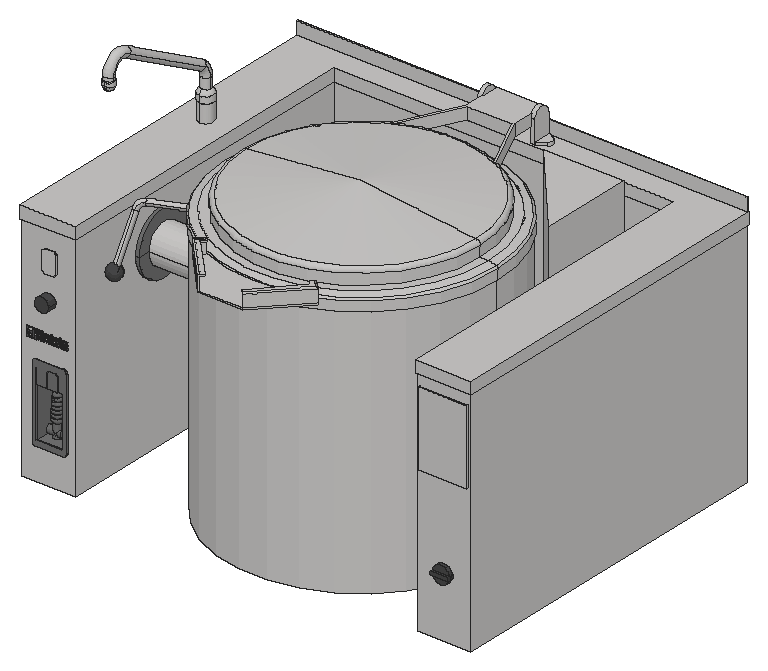
Revit family "QF_ELECTROLUXPROFESSIONAL_586945_PBOT15GQCS", category Specialty Equipment, Revit 2018
Family settings
  Round Connector Dimension = Use Radius
  Part Type = Normal
  Work Plane-Based = No
  Always vertical = Yes
  Cut with Voids When Loaded = No
  Shared = Yes
  Room Calculation Point = No
Parameters (values of type "Standard")
  Weight = 270.00 kg
  Watts = 0 W
  Volts = 230 V
  URL Manufacturer = "http://professional.electrolux.com"
  URL = "http://professional.electrolux.com"
  Tilt Clearance [instance] = 1165 mm
  Steam Supply Size = 0"
  Steam Supply Minimum Pressure = 0.00 psi
  Steam Supply Maximum Pressure = 0.00 psi
  Steam Pounds per Hour = 0
  Show Logo [instance] = yes
  Refrigeration Suction Line Size = 0"
  Refrigeration Liquid Line Size = 0"
  Refrigerant Compressor Remote = yes
  Plinth Base Finish [instance] = QF_Finishes_Concrete
  Plinth Base [instance] = not(Base Height = 500 mm)  # yes
  Phase = 1
  Open Clearance [instance] = 945 mm
  Model = "PBOT15GQCS"
  Manufacturer = "Electrolux Professional"
  Length Actual = 1300 mm  # constant formula
  Item Number = "586945"
  Hot Water Size = 1/2"
  Height Actual = 700 mm  # constant formula
  HP = "0.3 HP"
  Gas Size = 1"
  Gas KW = 26
  Gas Input Pressure = 0.976355 Btu/h
  Direct Waste Size = 0"
  Description = "GAS BOILING PAN,TILTING,AUTO H/C WATER FILL INLET,SPRAY GUN, 150L,H700,BS,FS,D1000,REAR CLS KIT,GUID.COOK.S"
  Depth Actual = 1000 mm  # constant formula
  Cycle = 50 Hz
  Condensate Return Size = 0"
  Compressed Air Volume = 0 GPM
  Compressed Air Size = 0"
  Compressed Air Pressure = 0.00 psi
  Cold Water Size = 1/2"
  Bracket [instance] = Base Height = 500 mm  # no
  Body Finish [instance] = QF_Finishes_Stainless Steel
  Base Height = 200 mm
  Show Clearance [instance] = yes
  Assembly Code = ""
  Accessory = yes
Reference planes
  plane 1 "BACK": y = 200
  plane 2: z = 0
  plane 3 "LEFT": x = 0
  plane 4 "RIGHT": x = 1300
  plane 5 "FRONT": y = -800
  plane 6 "TOP": z = 900
  plane 7: z = 200
  plane 8 "Center": x = 650
  plane 9: z = 1845
  plane 10: y = -890
  plane 11 "Vessel X axis": y = -383
  plane 12: x = 295
  plane 13: y = -493
  plane 14: x = 295
  plane 15 "Top Level": z = 1011
Forms (mm)
  Extrusion 1, solid, material "QF_Finishes_Stainless Steel" <- "Body Finish"
    sketch origin (0, 0, -100) x (1, 0, 0) y (0, 1, 0)
      loop
        line (0, 200) -> (0, -800) -> (160, -800) -> (160, 131.55) -> (1140, 131.55) -> (1140, -800) -> (1300, -800) -> (1300, 200) -> (0, 200)
    from 965 to 1000
  Extrusion 2, solid, material "QF_Finishes_Stainless Steel" <- "Body Finish"
    sketch origin (0, 0, 883.515) x (-1, 0, 0) y (0, -1, 0)
      loop
        line (-585, 890) -> (-715, 890) -> (-829.852, 765.434) -> (-808.623, 744.205)
        arc (-808.623, 744.205) -> (-650, 777.5) -> (-491.377, 744.205) r 394.5
        line (-491.377, 744.205) -> (-470.148, 765.434) -> (-585, 890)
    from 35.452 to 40.127
  Revolve 3, solid, material "QF_Finishes_Stainless Steel" <- "Body Finish"
    sketch origin (0, 50.89, 727.5) x (-1, 0, 0) y (0, -1, 0)
      loop
        line (-170, 486.89) -> (-170, 453.89) -> (-157, 453.89) -> (-157, 543.89) -> (-1143, 543.89) -> (-1143, 453.89) -> (-1130, 453.89) -> (-1130, 486.89) -> (-170, 486.89)
      axis (-1143, 543.89) -> (-157, 543.89)
    angle from 0 to 360
  Extrusion 4, solid, material "QF_Finishes_Stainless Steel" <- "Body Finish"
    sketch origin (0, 200, 0) x (1, 0, 0) y (0, 0, 1)
      loop
        circle (1220, 450) r 10
    from 3 to 0
  Extrusion 5, solid, material "QF_Finishes_Stainless Steel" <- "Body Finish"
    sketch origin (650, 0, 0) x (0, 1, 0) y (0, 0, 1)
      loop
        line (189, 900) -> (189, 963.742)
        arc (189, 963.742) -> (165, 987.742) -> (141, 963.742) r 24
        line (141, 963.742) -> (141, 900) -> (189, 900)
    from 69.2 to 82.1
  Revolve 6, solid, material "QF_Finishes_Stainless Steel" <- "Body Finish"
    sketch origin (0, -383, 0) x (-1, 0, 0) y (0, 0, 1)
      loop
        line (-650, 1011) -> (-650, 930.08) -> (-306.999, 930.08) -> (-306.999, 960.757)
        arc (-306.999, 960.757) -> (-310.325, 969.407) -> (-318.59, 973.601) r 12.912
        arc (-318.59, 973.601) -> (-483.6, 998.46) -> (-650, 1011) r 2246.096
      axis (-650, 1011) -> (-650, 930.08)
    angle from 0 to 360
  Sweep 7, solid, material "QF_Finishes_Stainless Steel" <- "Body Finish"
    path in 3D
      loop
        line (715, -890, 923.642) -> (829.852, -765.434, 923.642) -> (808.623, -744.205, 923.642)
    profile origin (772.426, -827.717, 923.642) x (-0.735191, 0.67786, 0) y (0, 0, 1)
      loop
        line (0, 0) -> (2.5, 0) -> (2.5, 35.781)
        arc (2.5, 35.781) -> (3.003, 36.997) -> (4.219, 37.5) r 1.719
        line (4.219, 37.5) -> (15.313, 37.5) -> (15.313, 40) -> (4.052, 40)
        arc (4.052, 40) -> (1.187, 38.813) -> (0, 35.948) r 4.052
        line (0, 35.948) -> (0, 0)
  Extrusion 8, solid, material "QF_Finishes_Stainless Steel" <- "Body Finish"
    sketch origin (0, 200, 0) x (1, 0, 0) y (0, 0, 1)
      loop
        line (157, 865) -> (157, 500) -> (1143, 500) -> (1143, 865) -> (157, 865)
    from 3 to 65.418
  Extrusion 9, solid, material "QF_Finishes_Stainless Steel" <- "Body Finish"
    sketch origin (650, 0, 0) x (0, 1, 0) y (0, 0, 1)
      loop
        line (189, 900) -> (189, 963.742)
        arc (189, 963.742) -> (165, 987.742) -> (141, 963.742) r 24
        line (141, 963.742) -> (141, 900) -> (189, 900)
    from -82.1 to -69.2
  Extrusion 10, solid, material "QF_Finishes_Stainless Steel" <- "Body Finish"
    sketch origin (0, 0, 1011) x (0, -1, 0) y (1, 0, 0)
      loop
        line (135.733, 481.526) -> (-79, 584.501) -> (-79, 715.499) -> (135.733, 818.474) -> (140.39, 825.445) -> (-83.565, 719.2) -> (-189, 719.2) -> (-189, 580.8) -> (-84, 580.8) -> (140.464, 474.444) -> (135.733, 481.526)
    from -71.258 to -37.399
  Sweep 11, solid, material "QF_Finishes_Stainless Steel" <- "Body Finish"
    path in 3D
      loop
        line (491.377, -744.205, 923.642) -> (470.148, -765.434, 923.642) -> (585, -890, 923.642)
    profile origin (527.574, -827.717, 923.642) x (0.735191, 0.67786, 0) y (0, 0, 1)
      loop
        line (0, 0) -> (2.5, 0) -> (2.5, 35.781)
        arc (2.5, 35.781) -> (3.003, 36.997) -> (4.219, 37.5) r 1.719
        line (4.219, 37.5) -> (15.313, 37.5) -> (15.313, 40) -> (4.052, 40)
        arc (4.052, 40) -> (1.187, 38.813) -> (0, 35.948) r 4.052
        line (0, 35.948) -> (0, 0)
  Extrusion 12, solid, material "QF_Finishes_Stainless Steel" <- "Body Finish"
    sketch origin (0, 0, 900) x (-1, 0, 0) y (0, -1, 0)
      loop
        arc (-758.472, -155.346) -> (-764.2, -165) -> (-758.472, -174.654) r 11
        line (-758.472, -174.654) -> (-732.1, -189.055) -> (-732.1, -140.945) -> (-758.472, -155.346)
      loop
        line (-541.528, -155.346) -> (-567.9, -140.945) -> (-567.9, -189.055) -> (-541.528, -174.654)
        arc (-541.528, -174.654) -> (-535.8, -165) -> (-541.528, -155.346) r 11
    from 0 to 8
  Revolve 13, solid, material "QF_Finishes_Stainless Steel" <- "Body Finish"
    sketch origin (0, -383, 0) x (-1, 0, 0) y (0, 0, 1)
      loop
        line (-650, 930.08) -> (-650, 159.763) -> (-260.5, 159.763) -> (-260.5, 890.048) -> (-255.5, 890.048) -> (-255.5, 918.412) -> (-259.882, 924.275) -> (-280.728, 930.08) -> (-650, 930.08)
      axis (-650, 930.08) -> (-650, 159.763)
    angle from 0 to 360
  Revolve 14, solid, material "QF_Finishes_Clearance", visible <- "Show Clearance", detail levels coarse
    sketch origin (650, 0, 0) x (0, 1, 0) y (0, 0, 1)
      loop
        line (-63.822, 1515.791) -> (-196.661, 1845) -> (-229.118, 1831.903) -> (-96.279, 1502.694) -> (-63.822, 1515.791)
      axis (-63.822, 1515.791) -> (-96.279, 1502.694)
    angle from 0 to 360
  Extrusion 15, solid, material "QF_Finishes_Stainless Steel" <- "Body Finish"
    sketch origin (1100, -797, 0) x (-1, 0, 0) y (0, 0, -1)
      loop
        line (-50, -833.989) -> (-50, -618.989) -> (-189.292, -618.989) -> (-189.292, -833.989) -> (-50, -833.989)
      loop
        line (1029.661, -812.084) -> (1036.975, -804.77) -> (1036.975, -754.399) -> (1029.661, -747.084) -> (1004.29, -747.084) -> (996.975, -754.399) -> (996.975, -804.77) -> (1004.29, -812.084) -> (1029.661, -812.084)
    from 0 to 3
  Extrusion 16, solid, material "QF_Finishes_Black"
    sketch origin (1400, -797, -30) x (-1, 0, 0) y (0, 0, -1)
      loop
        circle (180.286, -405.28) r 25
    from 0 to 10.306
  Extrusion 17, solid, material "QF_Finishes_Black"
    sketch origin (1400, -797, -30) x (-1, 0, 0) y (0, 0, -1)
      loop
        arc (204.667, -410.806) -> (205.286, -405.28) -> (204.667, -399.753) r 25
        line (204.667, -399.753) -> (155.904, -399.753)
        arc (155.904, -399.753) -> (155.286, -405.28) -> (155.904, -410.806) r 25
        line (155.904, -410.806) -> (204.667, -410.806)
    from 0 to 18.276
  Extrusion 18, solid, material "QF_Finishes_Black"
    sketch origin (160, -797, 0) x (-1, 0, 0) y (0, 0, -1)
      loop
        circle (80.781, -678.5) r 20
    from 0 to 25
  Extrusion 19, solid, material "QF_Finishes_Stainless Steel" <- "Body Finish", visible <- "Bracket"
    sketch origin (0, 137, -14) x (0, 1, 0) y (0, 0, 1)
      loop
        line (60, 514) -> (-140, 514) -> (-140, 400) -> (-76.36, 336.36) -> (60, 336.36) -> (60, 514)
    from 25.741 to 134.773
  Extrusion 20, solid, material "QF_Finishes_Stainless Steel" <- "Body Finish", visible <- "Bracket"
    sketch origin (1300, 100, 0) x (0, 1, 0) y (0, 0, 1)
      loop
        line (97, 322.36) -> (97, 500) -> (-103, 500) -> (-103, 386) -> (-39.36, 322.36) -> (97, 322.36)
    from -133.886 to -23.363
  Extrusion 21, solid, material "QF_Finishes_Stainless Steel" <- "Body Finish"
    sketch origin (1400, 200, 0) x (-1, 0, 0) y (0, 0, -1)
      loop
        circle (1350, -395) r 6.35
      loop
        circle (1289.429, -395) r 6.35
      loop
        circle (1319.429, -345) r 12.7
    from 3 to 0
  Extrusion 22, solid, material "QF_Finishes_Stainless Steel" <- "Body Finish"
    sketch origin (0, 0, 0) x (1, 0, 0) y (0, 1, 0)
      loop
        line (1116.003, -18.227) -> (886.003, -18.227) -> (1116.003, -288.227) -> (1116.003, -18.227)
    from 378.064 to 1011
  Extrusion 23, solid, material "QF_Finishes_Stainless Steel" <- "Body Finish"
    sketch origin (0, 0, 0) x (1, 0, 0) y (0, 1, 0)
      loop
        line (1089.577, -257.205) -> (911.249, -47.863) -> (869.377, -85.955)
        arc (869.377, -85.955) -> (965.621, -191.311) -> (1014.735, -325.291) r 369.272
        line (1014.735, -325.291) -> (1089.577, -257.205)
    from 383.064 to 403.064
  Extrusion 24, solid, material "QF_Finishes_Stainless Steel" <- "Body Finish"
    sketch origin (0, 0, 0) x (1, 0, 0) y (0, 1, 0)
      loop
        line (157, 197) -> (3, 197) -> (3, -797) -> (157, -797) -> (157, 197)
      loop
        line (1297, 197) -> (1143, 197) -> (1143, -797) -> (1297, -797) -> (1297, 197)
    from 200 to 865
  Extrusion 25, solid, material "Navy Blue", visible <- "Show Logo"
    sketch origin (160, -797, 0) x (-1, 0, 0) y (0, 0, -1)
      loop
        line (101.332, -593.18) -> (109.793, -593.18) -> (109.793, -583.327)
        arc (109.793, -583.327) -> (108.679, -580.639) -> (105.991, -579.525) r 3.802
        line (105.991, -579.525) -> (101.168, -579.525) -> (101.168, -581.736) -> (105.441, -581.736)
        arc (105.441, -581.736) -> (106.845, -582.21) -> (107.442, -583.566) r 1.838
        line (107.442, -583.566) -> (107.442, -585.52) -> (101.698, -585.52) -> (101.698, -587.738) -> (107.442, -587.738) -> (107.442, -590.968) -> (101.332, -590.968) -> (101.332, -593.18)
      loop
        line (99.498, -593.18) -> (99.498, -579.525) -> (97.146, -579.525) -> (97.146, -593.18) -> (99.498, -593.18)
      loop
        line (48.417, -593.18) -> (48.417, -579.525) -> (46.064, -579.525) -> (46.064, -593.18) -> (48.417, -593.18)
      loop
        line (93.257, -583.886) -> (85.539, -583.886)
        arc (85.539, -583.886) -> (86.746, -588.126) -> (90.874, -589.672) r 4.89
        arc (90.874, -589.672) -> (94.51, -587.828) -> (95.548, -583.886) r 4.976
        arc (95.548, -583.886) -> (94.182, -580.589) -> (90.886, -579.224) r 4.662
        arc (90.886, -579.224) -> (88.32, -579.602) -> (86.169, -581.05) r 5.86
        line (86.169, -581.05) -> (87.562, -582.444)
        arc (87.562, -582.444) -> (89.391, -581.347) -> (91.516, -581.531) r 3.458
        arc (91.516, -581.531) -> (92.812, -582.394) -> (93.257, -583.886) r 2.29
      loop
        line (93.198, -585.539) -> (87.902, -585.539)
        arc (87.902, -585.539) -> (88.645, -587.103) -> (90.278, -587.679) r 2.256
        arc (90.278, -587.679) -> (92.162, -587.188) -> (93.198, -585.539) r 2.64
      loop
        line (76.371, -586.524) -> (74.894, -588)
        arc (74.894, -588) -> (76.746, -589.341) -> (78.997, -589.742) r 5.117
        arc (78.997, -589.742) -> (82.429, -588.487) -> (84.231, -585.308) r 5.293
        arc (84.231, -585.308) -> (81.194, -579.733) -> (74.977, -581.018) r 5.33
        line (74.977, -581.018) -> (76.446, -582.487)
        arc (76.446, -582.487) -> (79.616, -581.438) -> (81.887, -583.886) r 3.088
        arc (81.887, -583.886) -> (81.729, -585.821) -> (80.396, -587.234) r 2.933
        arc (80.396, -587.234) -> (78.264, -587.559) -> (76.371, -586.524) r 3.369
      loop
        line (73.45, -593.18) -> (73.45, -583.849)
        arc (73.45, -583.849) -> (73.246, -582.449) -> (72.722, -581.135) r 6.031
        arc (72.722, -581.135) -> (71.044, -579.8) -> (68.918, -579.519) r 4.018
        line (68.918, -579.519) -> (68.918, -581.723)
        arc (68.918, -581.723) -> (69.55, -581.771) -> (70.139, -582.005) r 2.118
        arc (70.139, -582.005) -> (70.895, -582.804) -> (71.098, -583.886) r 1.949
        line (71.098, -583.886) -> (71.098, -587.265) -> (68.962, -587.265) -> (68.962, -589.401) -> (71.098, -589.401) -> (71.098, -593.18) -> (73.45, -593.18)
      loop
        arc (64.65, -584.717) -> (64.482, -585.701) -> (63.997, -586.574) r 2.967
        arc (63.997, -586.574) -> (62.588, -587.297) -> (61.004, -587.265) r 3.231
        line (61.004, -587.265) -> (61.004, -589.525)
        arc (61.004, -589.525) -> (63.073, -589.33) -> (64.65, -587.977) r 3.432
        line (64.65, -587.977) -> (64.65, -589.401) -> (66.983, -589.401) -> (66.983, -579.525) -> (64.65, -579.525) -> (64.65, -584.717)
      loop
        circle (55.254, -584.461) r 5.233
      loop
        circle (55.254, -584.461) r 3.172
      loop
        arc (37.582, -583.638) -> (38.162, -582.041) -> (39.738, -581.405) r 2.088
        arc (39.738, -581.405) -> (41.313, -582.041) -> (41.894, -583.638) r 2.088
        line (41.894, -583.638) -> (41.894, -589.401) -> (44.266, -589.401) -> (44.266, -583.442)
        arc (44.266, -583.442) -> (42.916, -580.365) -> (39.738, -579.275) r 4.181
        arc (39.738, -579.275) -> (36.524, -580.398) -> (35.211, -583.539) r 4.181
        line (35.211, -583.539) -> (35.211, -589.401) -> (37.582, -589.401) -> (37.582, -583.638)
      loop
        line (33.789, -589.401) -> (30.374, -584.764) -> (34.126, -579.522) -> (31.598, -579.522) -> (29.107, -583.001) -> (26.58, -579.522) -> (24.068, -579.522) -> (27.767, -584.817) -> (24.385, -589.401) -> (26.952, -589.401) -> (29.115, -586.469) -> (31.245, -589.401) -> (33.789, -589.401)
      loop
        line (108.47, -573.865) -> (110.346, -573.865) -> (110.346, -569.143) -> (109.319, -569.143) -> (109.319, -570.769) -> (108.185, -570.769)
        arc (108.185, -570.769) -> (106.916, -572.447) -> (108.47, -573.865) r 1.561
      loop
        arc (108.23, -571.697) -> (107.841, -572.304) -> (108.23, -572.911) r 0.668
        line (108.23, -572.911) -> (109.319, -572.911) -> (109.319, -571.697) -> (108.23, -571.697)
      loop
        line (101.061, -573.865) -> (102.968, -573.865) -> (102.968, -569.143) -> (101.942, -569.143) -> (101.942, -570.769) -> (100.949, -570.769) -> (100.27, -569.143) -> (99.168, -569.143) -> (100.097, -571.134)
        arc (100.097, -571.134) -> (99.652, -571.665) -> (99.502, -572.343) r 1.458
        arc (99.502, -572.343) -> (99.971, -573.421) -> (101.061, -573.865) r 1.559
      loop
        line (101.942, -572.911) -> (101.942, -571.697) -> (100.852, -571.697)
        arc (100.852, -571.697) -> (100.464, -572.304) -> (100.852, -572.911) r 0.668
        line (100.852, -572.911) -> (101.942, -572.911)
      loop
        circle (93.139, -571.504) r 2.453
      loop
        circle (93.139, -571.504) r 1.557
      loop
        line (86.655, -573.865) -> (86.655, -569.143) -> (85.654, -569.143) -> (85.654, -570.793) -> (83.876, -570.793) -> (83.876, -571.851) -> (85.654, -571.851) -> (85.654, -572.847) -> (83.706, -572.847) -> (83.706, -573.865) -> (86.655, -573.865)
      loop
        line (79.724, -573.865) -> (79.724, -570.677)
        arc (79.724, -570.677) -> (79.288, -569.596) -> (78.213, -569.146) r 1.51
        line (78.213, -569.146) -> (76.689, -569.146) -> (76.689, -570.038) -> (78.122, -570.038)
        arc (78.122, -570.038) -> (78.65, -570.475) -> (78.753, -571.151) r 0.961
        line (78.753, -571.151) -> (76.866, -571.151) -> (76.866, -572.043) -> (78.753, -572.043) -> (78.753, -572.973) -> (76.735, -572.973) -> (76.735, -573.865) -> (79.724, -573.865)
      loop
        arc (62.624, -573.267) -> (63.249, -573.78) -> (64.041, -573.943) r 1.69
        arc (64.041, -573.943) -> (64.773, -573.764) -> (65.374, -573.31) r 1.872
        arc (65.374, -573.31) -> (65.486, -572.238) -> (64.794, -571.411) r 1.385
        arc (64.794, -571.411) -> (64.212, -571.217) -> (63.66, -570.95) r 4.78
        arc (63.66, -570.95) -> (63.312, -570.539) -> (63.552, -570.057) r 0.489
        arc (63.552, -570.057) -> (63.998, -569.952) -> (64.442, -570.065) r 0.963
        arc (64.442, -570.065) -> (64.826, -570.341) -> (65.061, -570.752) r 1.118
        line (65.061, -570.752) -> (65.887, -570.367)
        arc (65.887, -570.367) -> (65.589, -569.793) -> (65.11, -569.36) r 1.815
        arc (65.11, -569.36) -> (64.566, -569.127) -> (63.978, -569.068) r 1.957
        arc (63.978, -569.068) -> (63.25, -569.213) -> (62.595, -569.561) r 2.556
        arc (62.595, -569.561) -> (62.305, -570.331) -> (62.455, -571.139) r 1.535
        arc (62.455, -571.139) -> (62.778, -571.512) -> (63.19, -571.781) r 1.779
        arc (63.19, -571.781) -> (63.712, -572.014) -> (64.248, -572.215) r 9.371
        arc (64.248, -572.215) -> (64.557, -572.696) -> (64.11, -573.053) r 0.427
        arc (64.11, -573.053) -> (63.575, -572.924) -> (63.163, -572.558) r 1.135
        line (63.163, -572.558) -> (62.624, -573.267)
      loop
        line (58.291, -573.865) -> (58.291, -569.146) -> (57.321, -569.146) -> (57.321, -573.865) -> (58.291, -573.865)
      loop
        circle (50.779, -571.506) r 1.468
      loop
        circle (50.779, -571.506) r 2.451
      loop
        line (44.27, -569.146) -> (43.289, -569.146) -> (43.289, -572.113) -> (41.131, -569.146) -> (40.187, -569.146) -> (40.187, -573.865) -> (41.168, -573.865) -> (41.168, -570.808) -> (43.326, -573.865) -> (44.27, -573.865) -> (44.27, -569.146)
      loop
        line (35.295, -569.146) -> (34.836, -570.164) -> (33.09, -570.164) -> (32.631, -569.146) -> (31.588, -569.146) -> (33.581, -573.865) -> (34.491, -573.865) -> (36.337, -569.146) -> (35.295, -569.146)
      loop
        line (33.526, -571.132) -> (33.993, -572.169) -> (34.447, -571.132) -> (33.526, -571.132)
      loop
        line (26.769, -570.038) -> (26.769, -573.865) -> (27.739, -573.865) -> (27.739, -569.146) -> (24.954, -569.146) -> (24.954, -570.038) -> (26.769, -570.038)
      loop
        arc (69.698, -573.267) -> (70.324, -573.78) -> (71.116, -573.943) r 1.69
        arc (71.116, -573.943) -> (71.847, -573.764) -> (72.449, -573.31) r 1.872
        arc (72.449, -573.31) -> (72.56, -572.238) -> (71.868, -571.411) r 1.385
        arc (71.868, -571.411) -> (71.287, -571.217) -> (70.735, -570.95) r 4.78
        arc (70.735, -570.95) -> (70.386, -570.539) -> (70.627, -570.057) r 0.489
        arc (70.627, -570.057) -> (71.073, -569.952) -> (71.517, -570.065) r 0.963
        arc (71.517, -570.065) -> (71.901, -570.341) -> (72.136, -570.752) r 1.118
        line (72.136, -570.752) -> (72.961, -570.367)
        arc (72.961, -570.367) -> (72.664, -569.793) -> (72.184, -569.36) r 1.815
        arc (72.184, -569.36) -> (71.64, -569.127) -> (71.052, -569.068) r 1.957
        arc (71.052, -569.068) -> (70.325, -569.213) -> (69.669, -569.561) r 2.556
        arc (69.669, -569.561) -> (69.38, -570.331) -> (69.529, -571.139) r 1.535
        arc (69.529, -571.139) -> (69.852, -571.512) -> (70.265, -571.781) r 1.779
        arc (70.265, -571.781) -> (70.787, -572.014) -> (71.322, -572.215) r 9.371
        arc (71.322, -572.215) -> (71.632, -572.696) -> (71.185, -573.053) r 0.427
        arc (71.185, -573.053) -> (70.649, -572.924) -> (70.238, -572.558) r 1.135
        line (70.238, -572.558) -> (69.698, -573.267)
      loop
        line (124.467, -593.367) -> (124.467, -568.534)
        arc (124.467, -568.534) -> (115.287, -580.95) -> (124.467, -593.367) r 12.987
      loop
        arc (125.423, -593.446) -> (135.891, -591.227) -> (141.022, -581.837) r 12.809
        line (141.022, -581.837) -> (135.422, -581.837)
        arc (135.422, -581.837) -> (128.84, -585.012) -> (125.423, -591.472) r 11.707
        line (125.423, -591.472) -> (125.423, -593.446)
      loop
        arc (125.73, -570.332) -> (129.585, -577.251) -> (136.925, -580.23) r 11.93
        line (136.925, -580.23) -> (141.033, -580.23)
        arc (141.033, -580.23) -> (136.066, -570.804) -> (125.73, -568.215) r 13.06
        line (125.73, -568.215) -> (125.73, -570.332)
      loop
        line (141.976, -594.722) -> (141.976, -567.122) -> (114.339, -567.122) -> (114.339, -594.722) -> (141.976, -594.722)
    from 0 to 0.697
  Extrusion 26, void
    sketch origin (0, -800, 0) x (1, 0, 0) y (0, 0, 1)
      loop
        line (125.4, 500.944) -> (43.4, 500.944) -> (43.4, 305.944) -> (125.4, 305.944) -> (125.4, 500.944)
    from 0 to -63
  Extrusion 27, solid, material "QF_Finishes_Stainless Steel"
    sketch origin (650, 0, 0) x (0, 1, 0) y (0, 0, 1)
      loop
        line (198, 937.998) -> (198, 900) -> (200, 900) -> (200, 937.998) -> (198, 937.998)
    from 650 to -650
Cuts and joins
  joined: Revolve 6, Extrusion 10
  Extrusion 26 cuts Extrusion 24
Lines and regions (mm)
  Split face 1
    outline origin (1100, -800, 0) x (-1, 0, 0) y (0, 0, -1)
      loop
        line (-55.679, -826.533) -> (-55.679, -691.533) -> (-182.471, -691.533) -> (-182.471, -826.533) -> (-55.679, -826.533)
  Split face 2
    outline origin (1100, -800, 0) x (-1, 0, 0) y (0, 0, -1)
      loop
        line (-55.679, -691.533) -> (-55.679, -625.535) -> (-182.471, -625.535) -> (-182.471, -691.533) -> (-55.679, -691.533)
  Split face 3
    outline origin (1100, -800, 0) x (-1, 0, 0) y (0, 0, -1)
      loop
        line (-64.847, -818.972) -> (-64.847, -698.972) -> (-171.638, -698.972) -> (-171.638, -818.972) -> (-64.847, -818.972)
  Split face 4
    outline origin (1100, -800, 0) x (-1, 0, 0) y (0, 0, -1)
      loop
        line (1029.036, -812.084) -> (1036.35, -804.77) -> (1036.35, -754.399) -> (1029.036, -747.084) -> (1029.036, -812.084)
  Split face 5
    outline origin (-933.951, -800, 0) x (1, 0, 0) y (0, 0, 1)
      loop
        line (1029.036, 812.084) -> (1029.036, 747.084) -> (1036.35, 754.399) -> (1036.35, 804.77) -> (1029.036, 812.084)
  Split face 6
    outline origin (0, 0, 1011) x (1, 0, 0) y (0, 1, 0)
      loop
        line (1106.003, -28.227) -> (908.003, -28.227) -> (1106.003, -260.227) -> (1106.003, -28.227)
  sketch lines
    curve 1: line (715, -890, 923.642) -> (829.852, -765.434, 923.642)
    curve 2: line (829.852, -765.434, 923.642) -> (808.623, -744.205, 923.642)
    curve 3: line (470.148, -765.434, 923.642) -> (585, -890, 923.642)
    curve 4: line (491.377, -744.205, 923.642) -> (470.148, -765.434, 923.642)
  symbolic lines
    curve 5: line (170, -403, 0) -> (160, -403, 0)
    curve 6: line (170, -403, 0) -> (170, -583, 0)
    curve 7: line (170, -583, 0) -> (160, -583, 0)
    curve 8: line (1130, -403, 0) -> (1140, -403, 0)
    curve 9: line (1130, -403, 0) -> (1130, -583, 0)
    curve 10: line (1130, -583, 0) -> (1140, -583, 0)
    curve 11: line (1130, -436.539, 0) -> (1040.85, -436.539, 0)
    curve 12: line (1130, -549.461, 0) -> (1007.66, -549.461, 0)
    curve 13: line (170, -436.539, 0) -> (259.15, -436.539, 0)
    curve 14: line (170, -549.461, 0) -> (292.34, -549.461, 0)
    curve 15: line (160, -800, 0) -> (160, 131.55, 0)
    curve 16: line (0, -800, 0) -> (160, -800, 0)
    curve 17: line (0, 200, 0) -> (0, -800, 0)
    curve 18: line (160, 131.55, 0) -> (580.8, 131.55, 0)
    curve 19: line (1300, 200, 0) -> (0, 200, 0)
    curve 20: line (1140, 131.55, 0) -> (1140, -800, 0)
    curve 21: line (1300, -800, 0) -> (1300, 200, 0)
    curve 22: line (1140, -800, 0) -> (1300, -800, 0)
    curve 23: line (585, -890, 0) -> (595.018, -878.416, 0)
    curve 24: line (715, -890, 0) -> (703.742, -879.62, 0)
    curve 25: line (808.628, -765.864, 0) -> (703.742, -879.62, 0)
    curve 26: line (797.796, -755.032, 0) -> (808.628, -765.864, 0)
    curve 27: circle (650, -383, 0) r 394.5 normal (0, 0, 1)
    curve 28: line (595.018, -878.416, 0) -> (492.231, -765.006, 0)
    curve 29: line (719.2, 131.55, 0) -> (1140, 131.55, 0)
    curve 30: line (492.231, -765.006, 0) -> (502.204, -755.032, 0)
    curve 39: line (1116.003, -288.227, 0) -> (1116.003, -18.227, 0)
    curve 40: line (1116.003, -18.227, 0) -> (886.003, -18.227, 0)
    curve 41: line (886.003, -18.227, 0) -> (1116.003, -288.227, 0)
    curve 42: line (908.003, -28.227, 0) -> (1106.003, -260.227, 0)
    curve 43: line (1106.003, -28.227, 0) -> (908.003, -28.227, 0)
    curve 44: line (1106.003, -260.227, 0) -> (1106.003, -28.227, 0)
    curve 45: line (911.249, -47.863, 0) -> (888.38, -68.667, 0)
    curve 46: line (1036.763, -305.252, 0) -> (1089.577, -257.205, 0)
    curve 47: line (0, 198, 0) -> (1300, 198, 0)
  model lines, style "QF-Clearances", visible <- "Show Clearance", detail levels coarse
    curve 31: arc (650, -890, 962.331) -> (650, -936.299, 677.621) -> (650, -800, 423.405) r 449.438
  symbolic lines, style "QF-Clearances", visible <- "Show Clearance", detail levels coarse
    curve 32: line (400, -300, 0) -> (900, -300, 0)
    curve 33: line (400, -1550, 0) -> (400, -300, 0)
    curve 34: line (900, -1550, 0) -> (400, -1550, 0)
    curve 35: line (900, -300, 0) -> (900, -1550, 0)
    curve 36: line (900, -956, 0) -> (700, -1550, 0)
    curve 37: line (400, -956, 0) -> (600, -1550, 0)
    curve 38: circle (650, -1500, 0) r 25 normal (0, 0, 1)
Dimensions and locks
  plane 3 "LEFT" to plane 4 "RIGHT" = 1300 mm
  plane 4 "RIGHT" to plane 3 "LEFT" = 1300 mm
  plane 1 "BACK" to plane 5 "FRONT" = 1000 mm
  plane 5 "FRONT" to plane 1 "BACK" = 1000 mm
  "Base Height": plane 7 to level
  equal spacing: plane 3 "LEFT", plane 8 "Center", plane 4 "RIGHT"
  "Open Clearance": plane 9 to plane 6 "TOP"
  locked: Extrusion 8 sketch curve to Extrusion 8 sketch curve at 365
  plane 4 "RIGHT" to Extrusion 4 sketch curve = 80 mm
  plane 10 to plane 1 "BACK" = 1090 mm
  locked: Extrusion 2 sketch curve to Extrusion 2 sketch curve at 30.022  (x2)
  plane 1 "BACK" to plane 11 "Vessel X axis" = 583 mm
  equal spacing: Extrusion 10 sketch curve, plane 8 "Center", Extrusion 10 sketch curve
  locked: Extrusion 10 sketch curve to Extrusion 10 sketch curve at 138.4
  Extrusion 10 sketch curve to Extrusion 10 sketch curve to plane 11 "Vessel X axis" = 4.732 mm locked, 242.536 mm locked
  Extrusion 10 sketch curve to Extrusion 10 sketch curve to plane 11 "Vessel X axis" = 4.657 mm locked, 242.61 mm locked
  Extrusion 10 sketch curve to Extrusion 10 sketch curve to plane 1 "BACK" = 110 mm locked, 11 mm locked
  plane 11 "Vessel X axis" to Revolve 3 sketch curve = 110 mm
  Revolve 3 sketch curve to Revolve 3 sketch curve to Revolve 3 sketch curve to Revolve 3 sketch curve = 33 mm locked, 57 mm locked, 0 mm locked
  plane 11 "Vessel X axis" to plane 13 = 110 mm
  equal spacing: curve 5, plane 13, curve 7
  locked: curve 5 to curve 7 at 180
  equal spacing: curve 11, plane 13, curve 12
  locked: curve 11 to curve 12 at 112.922
  plane 14 to plane 8 "Center" = 355 mm
  Revolve 13 sketch curve to Revolve 13 sketch curve to Revolve 13 sketch curve to Revolve 13 sketch curve to plane 14 = 4.382 mm locked, 0.618 mm locked, 20.228 mm locked, 14.272 mm locked
  plane 12 to plane 8 "Center" = 355 mm
  Revolve 6 sketch curve to Revolve 6 sketch curve to plane 12 = 11.591 mm, 11.999 mm locked
  Revolve 14 sketch curve to Revolve 14 sketch curve = 355 mm
  locked: Extrusion 17 sketch curve to Extrusion 17 sketch curve at 11.053
  locked: Extrusion 15 sketch curve to Extrusion 15 sketch curve at 215
  Extrusion 15 sketch curve to Extrusion 15 sketch curve to Extrusion 15 sketch curve to Extrusion 15 sketch curve = 7.315 mm locked, 50.371 mm, 7.315 mm locked
  Extrusion 19 sketch curve to Extrusion 19 sketch curve to Extrusion 19 sketch curve = 114 mm locked, 63.64 mm locked
  Extrusion 20 sketch curve to Extrusion 20 sketch curve to Extrusion 20 sketch curve = 114 mm locked, 63.64 mm locked
  locked: plane 6 "TOP" to level at 900
  locked: Extrusion 20 sketch curve to level at 322.36
  locked: level to Extrusion 19 sketch curve at 322.36
  locked: Extrusion 16 sketch curve to level at 375.28
  locked: Extrusion 17 sketch curve to level at 369.753
  locked: Extrusion 4 sketch curve to level at 450
  locked: Extrusion 21 sketch curve to level at 395
  plane 15 "Top Level" to Revolve 6 sketch curve to Revolve 6 sketch curve to Revolve 6 sketch curve = 37.399 mm locked, 12.844 mm locked, 30.677 mm locked
  plane 15 "Top Level" to Revolve 13 sketch curve to Revolve 13 sketch curve to Revolve 13 sketch curve to Revolve 13 sketch curve = 80.92 mm locked, 5.805 mm locked, 5.863 mm locked, 28.364 mm locked
  locked: plane 15 "Top Level" to nested 1 at 60.055
  plane 15 "Top Level" to Extrusion 2 to Extrusion 2 = 87.358 mm locked, 4.675 mm locked
  locked: Extrusion 5 sketch curve to plane 15 "Top Level" at 47.258
  locked: Extrusion 9 sketch curve to plane 15 "Top Level" at 47.258
  plane 15 "Top Level" to plane 6 "TOP" = 111 mm
  locked: curve 31 to plane 15 "Top Level" at 48.669
  curve 32 to plane 1 "BACK" = 500 mm
  plane 1 "BACK" to curve 34 = 1750 mm
  locked: curve 33 to curve 35 at 500
  equal spacing: curve 33, plane 8 "Center", curve 35
  Extrusion 22 sketch curve to Extrusion 22 sketch curve to plane 4 "RIGHT" = 230 mm locked, 183.997 mm locked
  Extrusion 22 sketch curve to Extrusion 22 sketch curve to plane 1 "BACK" = 270 mm locked, 218.227 mm locked
  locked: Extrusion 23 sketch curve to Extrusion 22 at 40.73
  locked: Extrusion 22 to Extrusion 23 sketch curve at 38.911
  Extrusion 23 sketch curve to Extrusion 22 to Extrusion 23 sketch curve = 115.863 mm locked, 158.991 mm locked
  locked: Revolve 13 sketch curve to level at 159.763
  locked: plane 9 to Revolve 14 sketch curve (angle 21.9745°)
  aligned and locked: level to plane 2
  aligned and locked: Extrusion 8 to Extrusion 1
  aligned and locked: plane 10 to Extrusion 2 sketch curve
  aligned and locked: plane 8 "Center" to Revolve 6 sketch curve  (x2)
  aligned and locked: Revolve 3 sketch curve to Revolve 3 sketch curve
  aligned and locked: Revolve 3 to Revolve 3  (x2)
  aligned and locked: curve 15 to Extrusion 1
  aligned and locked: Revolve 3 to curve 6
  aligned and locked: curve 20 to Extrusion 1
  aligned and locked: Revolve 3 to curve 9
  aligned and locked: curve 24 to Sweep 7
  aligned and locked: curve 25 to Sweep 7
  aligned and locked: curve 26 to Sweep 7
  aligned and locked: curve 12 to curve 14
  aligned and locked: curve 11 to curve 13
  aligned and locked: curve 5 to curve 8
  aligned and locked: curve 7 to curve 10
  aligned and locked: curve 27 to Revolve 13
  aligned and locked: Extrusion 2 sketch curve to Revolve 13
  aligned and locked: Sweep 11 to curve 30  (x2)
  aligned and locked: plane 15 "Top Level" to Revolve 6 sketch curve
  aligned and locked: plane 5 "FRONT" to curve 31
  aligned and locked: Extrusion 23 sketch curve to Revolve 13
  aligned and locked: Extrusion 22 to Extrusion 23 sketch curve
  aligned and locked: Extrusion 22 to plane 15 "Top Level"
  aligned and locked: curve 39 to Extrusion 22
  aligned and locked: curve 40 to Extrusion 22
  aligned and locked: curve 41 to Extrusion 22
  aligned and locked: curve 42 to Split face 6
  aligned and locked: curve 43 to Split face 6
  aligned and locked: curve 44 to Split face 6
  aligned and locked: curve 45 to Extrusion 23
  aligned and locked: Extrusion 23 to curve 46
Automatic sketch dimensions
  plane 1 "BACK" to Extrusion 12 sketch curve = 44.654 mm  (x2)
  plane 8 "Center" to Extrusion 12 sketch curve = 108.472 mm
  plane 1 "BACK" to Extrusion 12 sketch curve = 25.346 mm  (x2)
  Extrusion 12 sketch curve to Extrusion 12 sketch curve = 0 mm
  Extrusion 12 sketch curve to Extrusion 12 sketch curve = 5.272 mm  (x3)
  Extrusion 12 sketch curve to Extrusion 12 sketch curve = 26.372 mm
  plane 1 "BACK" to Extrusion 12 sketch curve = 10.945 mm  (x2)
  Extrusion 12 sketch curve to plane 8 "Center" = 82.1 mm
  Extrusion 12 sketch curve to Extrusion 12 sketch curve = 21.1 mm
  Extrusion 12 sketch curve to Extrusion 12 sketch curve = 14.4 mm  (x2)
  Revolve 14 sketch curve to plane 9 = 0 mm
  Revolve 14 sketch curve to plane 9 = 13.097 mm
  plane 11 "Vessel X axis" to Revolve 14 sketch curve = 153.882 mm
  Revolve 14 sketch curve to Revolve 14 sketch curve = 23.184 mm
  Revolve 14 sketch curve to Revolve 14 sketch curve = 0 mm  (x2)
  Revolve 14 sketch curve to Revolve 14 sketch curve = 9.355 mm
  Extrusion 16 sketch curve to plane 4 "RIGHT" = 80.286 mm
  Extrusion 17 sketch curve to Extrusion 17 sketch curve = 0 mm  (x3)
  Extrusion 17 sketch curve to plane 4 "RIGHT" = 55.904 mm
  Extrusion 17 sketch curve to Extrusion 17 sketch curve = 24.382 mm  (x2)
  plane 1 "BACK" to Extrusion 19 sketch curve = 203 mm
  Extrusion 19 sketch curve to Extrusion 19 sketch curve = 63.64 mm
  plane 1 "BACK" to Extrusion 19 sketch curve = 3 mm
  plane 1 "BACK" to Extrusion 20 sketch curve = 203 mm
  Extrusion 20 sketch curve to Extrusion 20 sketch curve = 63.64 mm
  plane 1 "BACK" to Extrusion 20 sketch curve = 3 mm
  Extrusion 10 sketch curve to Extrusion 10 sketch curve = 5 mm
  Extrusion 10 sketch curve to Extrusion 10 sketch curve = 4.565 mm
  Extrusion 10 sketch curve to plane 8 "Center" = 168.474 mm
  Extrusion 10 sketch curve to Extrusion 10 sketch curve = 7.081 mm
  Extrusion 10 sketch curve to Extrusion 10 sketch curve = 3.701 mm  (x2)
  plane 8 "Center" to Extrusion 10 sketch curve = 168.474 mm
  Extrusion 10 sketch curve to Extrusion 10 sketch curve = 6.97 mm
  plane 1 "BACK" to curve 19 = 0 mm
  curve 19 to plane 3 "LEFT" = 0 mm
  plane 10 to curve 23 = 0 mm
  curve 38 to plane 8 "Center" = 0 mm
  plane 10 to curve 24 = 0 mm
  curve 21 to plane 4 "RIGHT" = 0 mm
  plane 5 "FRONT" to curve 21 = 0 mm
  plane 5 "FRONT" to curve 16 = 0 mm
  curve 28 to plane 5 "FRONT" = 34.994 mm
  curve 28 to plane 10 = 11.584 mm
  curve 28 to plane 8 "Center" = 54.982 mm
  curve 37 to curve 38 = 50 mm
  plane 1 "BACK" to curve 20 = 68.45 mm
  plane 1 "BACK" to curve 18 = 68.45 mm
  curve 18 to plane 8 "Center" = 69.2 mm
  curve 23 to curve 23 = 10.018 mm
  curve 37 to plane 8 "Center" = 50 mm
  plane 8 "Center" to curve 36 = 50 mm
  plane 8 "Center" to curve 29 = 69.2 mm
  curve 26 to plane 5 "FRONT" = 44.968 mm
  plane 10 to curve 36 = 66 mm
  plane 10 to curve 37 = 66 mm
  curve 31 to plane 10 = 0 mm
  curve 31 to plane 13 = 0 mm
  curve 31 to plane 6 "TOP" = 148.348 mm
  Extrusion 1 sketch curve to plane 3 "LEFT" = 0 mm
  plane 5 "FRONT" to Extrusion 1 sketch curve = 0 mm  (x2)
  Extrusion 1 sketch curve to plane 4 "RIGHT" = 0 mm
  plane 1 "BACK" to Extrusion 1 sketch curve = 0 mm
  plane 3 "LEFT" to Extrusion 1 sketch curve = 160 mm
  plane 1 "BACK" to Extrusion 1 sketch curve = 68.45 mm
  Extrusion 1 sketch curve to plane 4 "RIGHT" = 160 mm
  plane 8 "Center" to Extrusion 2 sketch curve = 65 mm
  Extrusion 2 sketch curve to plane 5 "FRONT" = 55.795 mm  (x2)
  Extrusion 2 sketch curve to plane 5 "FRONT" = 34.566 mm  (x2)
  Extrusion 2 sketch curve to plane 8 "Center" = 65 mm
  Revolve 3 sketch curve to plane 4 "RIGHT" = 157 mm
  Revolve 3 sketch curve to Revolve 3 sketch curve = 13 mm  (x2)
  plane 3 "LEFT" to Revolve 3 sketch curve = 170 mm
  Revolve 3 sketch curve to Revolve 3 sketch curve = 3 mm
  Revolve 3 sketch curve to Revolve 3 sketch curve = 27 mm
  Extrusion 5 sketch curve to plane 6 "TOP" = 0 mm
  plane 1 "BACK" to Extrusion 5 sketch curve = 59 mm
  Extrusion 5 sketch curve to Extrusion 5 sketch curve = 24 mm
  plane 8 "Center" to Revolve 6 sketch curve = 85.468 mm
  plane 7 to Revolve 6 sketch curve = 208.515 mm
  Revolve 6 sketch curve to plane 15 "Top Level" = 103.571 mm
  Sweep 7 sketch curve to profile plane = 0 mm
  profile plane to Sweep 7 sketch curve = 0 mm
  Sweep 7 sketch curve to profile plane = 2.5 mm
  Sweep 7 sketch curve to profile plane = 4.052 mm
  Sweep 7 sketch curve to Sweep 7 sketch curve = 0.167 mm  (x2)
  Sweep 7 sketch curve to Sweep 7 sketch curve = 11.093 mm
  profile plane to Sweep 7 sketch curve = 35.781 mm
  plane 3 "LEFT" to Extrusion 8 sketch curve = 157 mm
  Extrusion 8 sketch curve to plane 4 "RIGHT" = 157 mm
  plane 7 to Extrusion 8 sketch curve = 300 mm
  Extrusion 9 sketch curve to plane 6 "TOP" = 0 mm
  plane 1 "BACK" to Extrusion 9 sketch curve = 59 mm
  Extrusion 9 sketch curve to Extrusion 9 sketch curve = 24 mm
  Sweep 11 sketch curve to profile plane = 0 mm  (x2)
  Sweep 11 sketch curve to Sweep 11 sketch curve = 2.5 mm
  Sweep 11 sketch curve to profile plane = 4.052 mm
  Sweep 11 sketch curve to Sweep 11 sketch curve = 0.167 mm  (x2)
  Sweep 11 sketch curve to Sweep 11 sketch curve = 11.093 mm
  profile plane to Sweep 11 sketch curve = 35.781 mm
  Revolve 13 sketch curve to plane 8 "Center" = 0 mm  (x2)
  Revolve 13 sketch curve to Revolve 13 sketch curve = 20 mm
  Revolve 13 sketch curve to Revolve 13 sketch curve = 0 mm
  Extrusion 15 sketch curve to plane 4 "RIGHT" = 10.708 mm
  Extrusion 15 sketch curve to Extrusion 15 sketch curve = 139.292 mm
  plane 3 "LEFT" to Extrusion 15 sketch curve = 103.025 mm
  Extrusion 15 sketch curve to Extrusion 15 sketch curve = 7.315 mm  (x5)
  Extrusion 15 sketch curve to Extrusion 15 sketch curve = 25.371 mm  (x2)
  Extrusion 15 sketch curve to plane 6 "TOP" = 66.011 mm
  Extrusion 15 sketch curve to plane 6 "TOP" = 87.916 mm
  Split face 1 sketch curve to Extrusion 15 = 6.821 mm
  Split face 1 sketch curve to Extrusion 15 = 5.679 mm
  Split face 1 sketch curve to Extrusion 15 = 7.456 mm
  Extrusion 15 to Split face 1 sketch curve = 55.552 mm
  Split face 2 sketch curve to Extrusion 15 = 6.821 mm
  Split face 2 sketch curve to Extrusion 15 = 5.679 mm
  Extrusion 15 to Split face 2 sketch curve = 55.552 mm
  Split face 2 sketch curve to Extrusion 15 = 6.547 mm
  Extrusion 15 to Split face 3 sketch curve = 6.887 mm
  Split face 3 sketch curve to Extrusion 15 = 17.653 mm
  Split face 3 sketch curve to Extrusion 15 = 14.847 mm
  Extrusion 15 to Split face 3 sketch curve = 48.113 mm
  Split face 4 sketch curve to Extrusion 15 = 0 mm  (x2)
  Split face 4 sketch curve to Extrusion 15 = 7.94 mm
  Split face 4 sketch curve to Extrusion 15 = 0.625 mm
  Split face 4 sketch curve to Extrusion 15 = 7.315 mm  (x2)
  Split face 5 sketch curve to Extrusion 15 = 0 mm  (x2)
  Split face 5 sketch curve to Extrusion 15 = 7.94 mm
  Split face 5 sketch curve to Extrusion 15 = 0.625 mm
  Split face 5 sketch curve to Extrusion 15 = 7.315 mm  (x2)
  plane 3 "LEFT" to Extrusion 18 sketch curve = 79.219 mm
  Extrusion 18 sketch curve to plane 6 "TOP" = 221.5 mm
  Extrusion 21 sketch curve to plane 3 "LEFT" = 110.571 mm
  Extrusion 21 sketch curve to Extrusion 21 sketch curve = 30 mm
  Extrusion 21 sketch curve to plane 3 "LEFT" = 50 mm
  Extrusion 21 sketch curve to Extrusion 21 sketch curve = 50 mm
  Split face 6 sketch curve to Extrusion 22 = 10 mm  (x2)
  Split face 6 sketch curve to Extrusion 22 = 208 mm
  Split face 6 sketch curve to Split face 6 sketch curve = 232 mm
  plane 3 "LEFT" to Extrusion 24 sketch curve = 3 mm
  plane 1 "BACK" to Extrusion 24 sketch curve = 3 mm  (x2)
  Extrusion 24 sketch curve to Extrusion 24 sketch curve = 154 mm
  Extrusion 24 sketch curve to plane 4 "RIGHT" = 157 mm
  Extrusion 24 sketch curve to plane 4 "RIGHT" = 3 mm
  Extrusion 24 sketch curve to plane 5 "FRONT" = 3 mm  (x2)
  Extrusion 25 sketch curve to Extrusion 25 sketch curve = 0 mm  (x33)
  plane 3 "LEFT" to Extrusion 25 sketch curve = 135.932 mm
  Extrusion 25 sketch curve to Extrusion 25 sketch curve = 0.317 mm
  Extrusion 25 sketch curve to Extrusion 25 sketch curve = 0.886 mm
  Extrusion 25 sketch curve to Extrusion 25 sketch curve = 2.512 mm
  Extrusion 25 sketch curve to Extrusion 25 sketch curve = 1.815 mm
  Extrusion 25 sketch curve to Extrusion 25 sketch curve = 2.567 mm
  Extrusion 25 sketch curve to Extrusion 25 sketch curve = 0.97 mm  (x3)
  Extrusion 25 sketch curve to Extrusion 25 sketch curve = 0.815 mm  (x2)
  Extrusion 25 sketch curve to Extrusion 25 sketch curve = 1.341 mm
  Extrusion 25 sketch curve to Extrusion 25 sketch curve = 1.348 mm
  Extrusion 25 sketch curve to Extrusion 25 sketch curve = 1.259 mm
  Extrusion 25 sketch curve to Extrusion 25 sketch curve = 2.13 mm
  Extrusion 25 sketch curve to Extrusion 25 sketch curve = 3.849 mm
  Extrusion 25 sketch curve to Extrusion 25 sketch curve = 2.49 mm
  Extrusion 25 sketch curve to Extrusion 25 sketch curve = 1.043 mm
  Extrusion 25 sketch curve to Extrusion 25 sketch curve = 0.46 mm  (x2)
  Extrusion 25 sketch curve to Extrusion 25 sketch curve = 0.435 mm
  Extrusion 25 sketch curve to Extrusion 25 sketch curve = 0.055 mm  (x2)
  Extrusion 25 sketch curve to Extrusion 25 sketch curve = 2.544 mm
  Extrusion 25 sketch curve to Extrusion 25 sketch curve = 0.468 mm
  Extrusion 25 sketch curve to Extrusion 25 sketch curve = 2.528 mm
  Extrusion 25 sketch curve to Extrusion 25 sketch curve = 0.922 mm
  Extrusion 25 sketch curve to Extrusion 25 sketch curve = 0.91 mm
  Extrusion 25 sketch curve to Extrusion 25 sketch curve = 0.388 mm
  Extrusion 25 sketch curve to Extrusion 25 sketch curve = 1.422 mm
  Extrusion 25 sketch curve to Extrusion 25 sketch curve = 1.042 mm
  Extrusion 25 sketch curve to Extrusion 25 sketch curve = 2.371 mm
  Extrusion 25 sketch curve to Extrusion 25 sketch curve = 1.809 mm  (x2)
  Extrusion 25 sketch curve to Extrusion 25 sketch curve = 0.273 mm  (x2)
  Extrusion 25 sketch curve to Extrusion 25 sketch curve = 0.147 mm
  Extrusion 25 sketch curve to Extrusion 25 sketch curve = 5.696 mm
  Extrusion 25 sketch curve to Extrusion 25 sketch curve = 0.943 mm
  Extrusion 25 sketch curve to Extrusion 25 sketch curve = 0.037 mm  (x3)
  Extrusion 25 sketch curve to Extrusion 25 sketch curve = 2.122 mm
  Extrusion 25 sketch curve to Extrusion 25 sketch curve = 2.372 mm
  Extrusion 25 sketch curve to Extrusion 25 sketch curve = 0.944 mm
  Extrusion 25 sketch curve to Extrusion 25 sketch curve = 1.799 mm
  Extrusion 25 sketch curve to Extrusion 25 sketch curve = 2.353 mm
  Extrusion 25 sketch curve to Extrusion 25 sketch curve = 6.509 mm
  Extrusion 25 sketch curve to Extrusion 25 sketch curve = 6.836 mm
  Extrusion 25 sketch curve to Extrusion 25 sketch curve = 2.068 mm
  Extrusion 25 sketch curve to Extrusion 25 sketch curve = 5.751 mm
  Extrusion 25 sketch curve to Extrusion 25 sketch curve = 0.679 mm
  Extrusion 25 sketch curve to Extrusion 25 sketch curve = 0.728 mm
  Extrusion 25 sketch curve to Extrusion 25 sketch curve = 0.178 mm
  Extrusion 25 sketch curve to Extrusion 25 sketch curve = 4.332 mm
  Extrusion 25 sketch curve to Extrusion 25 sketch curve = 0.539 mm  (x2)
  Extrusion 25 sketch curve to Extrusion 25 sketch curve = 0.634 mm  (x2)
  Extrusion 25 sketch curve to Extrusion 25 sketch curve = 0.036 mm  (x2)
  Extrusion 25 sketch curve to Extrusion 25 sketch curve = 0.114 mm  (x2)
  Extrusion 25 sketch curve to Extrusion 25 sketch curve = 0.807 mm  (x2)
  Extrusion 25 sketch curve to Extrusion 25 sketch curve = 0.007 mm  (x2)
  Extrusion 25 sketch curve to Extrusion 25 sketch curve = 0.156 mm  (x2)
  Extrusion 25 sketch curve to Extrusion 25 sketch curve = 0.005 mm  (x2)
  Extrusion 25 sketch curve to Extrusion 25 sketch curve = 0.083 mm  (x2)
  Extrusion 25 sketch curve to Extrusion 25 sketch curve = 0.13 mm  (x3)
  Extrusion 25 sketch curve to Extrusion 25 sketch curve = 0.009 mm  (x2)
  Extrusion 25 sketch curve to Extrusion 25 sketch curve = 0.159 mm  (x2)
  Extrusion 25 sketch curve to Extrusion 25 sketch curve = 0.075 mm  (x2)
  Extrusion 25 sketch curve to Extrusion 25 sketch curve = 0.025 mm  (x2)
  Extrusion 25 sketch curve to Extrusion 25 sketch curve = 2.918 mm
  Extrusion 25 sketch curve to Extrusion 25 sketch curve = 2.789 mm
  Extrusion 25 sketch curve to Extrusion 25 sketch curve = 0.908 mm  (x2)
  Extrusion 25 sketch curve to Extrusion 25 sketch curve = 0.826 mm  (x2)
  Extrusion 25 sketch curve to Extrusion 25 sketch curve = 0.126 mm  (x2)
  Extrusion 25 sketch curve to Extrusion 25 sketch curve = 2.333 mm
  Extrusion 25 sketch curve to Extrusion 25 sketch curve = 1.257 mm  (x2)
  Extrusion 25 sketch curve to Extrusion 25 sketch curve = 2.771 mm
  Extrusion 25 sketch curve to Extrusion 25 sketch curve = 1.497 mm
  Extrusion 25 sketch curve to Extrusion 25 sketch curve = 1.979 mm
  Extrusion 25 sketch curve to Extrusion 25 sketch curve = 1.653 mm
  Extrusion 25 sketch curve to Extrusion 25 sketch curve = 0.085 mm
  Extrusion 25 sketch curve to Extrusion 25 sketch curve = 0.315 mm
  Extrusion 25 sketch curve to Extrusion 25 sketch curve = 3.811 mm
  Extrusion 25 sketch curve to Extrusion 25 sketch curve = 2.136 mm  (x2)
  Extrusion 25 sketch curve to Extrusion 25 sketch curve = 2.352 mm  (x2)
  Extrusion 25 sketch curve to Extrusion 25 sketch curve = 3.797 mm
  Extrusion 25 sketch curve to Extrusion 25 sketch curve = 1.528 mm
  Extrusion 25 sketch curve to Extrusion 25 sketch curve = 1.476 mm  (x2)
  Extrusion 25 sketch curve to Extrusion 25 sketch curve = 1.469 mm  (x2)
  Extrusion 25 sketch curve to Extrusion 25 sketch curve = 3.728 mm
  Extrusion 25 sketch curve to Extrusion 25 sketch curve = 0.046 mm
  Extrusion 25 sketch curve to Extrusion 25 sketch curve = 0.177 mm
  Extrusion 25 sketch curve to Extrusion 25 sketch curve = 0.947 mm
  Extrusion 25 sketch curve to Extrusion 25 sketch curve = 0.308 mm
  Extrusion 25 sketch curve to Extrusion 25 sketch curve = 0.091 mm
  Extrusion 25 sketch curve to Extrusion 25 sketch curve = 2.375 mm
  Extrusion 25 sketch curve to Extrusion 25 sketch curve = 0.94 mm
  Extrusion 25 sketch curve to Extrusion 25 sketch curve = 0.54 mm
  Extrusion 25 sketch curve to Extrusion 25 sketch curve = 0.102 mm
  Extrusion 25 sketch curve to Extrusion 25 sketch curve = 0.002 mm  (x4)
  Extrusion 25 sketch curve to Extrusion 25 sketch curve = 0.105 mm
  Extrusion 25 sketch curve to Extrusion 25 sketch curve = 0.097 mm
  Extrusion 25 sketch curve to Extrusion 25 sketch curve = 3.982 mm
  Extrusion 25 sketch curve to Extrusion 25 sketch curve = 0.17 mm
  Extrusion 25 sketch curve to Extrusion 25 sketch curve = 6.49 mm
  Extrusion 25 sketch curve to Extrusion 25 sketch curve = 1.777 mm
  Extrusion 25 sketch curve to Extrusion 25 sketch curve = 0.63 mm
  Extrusion 25 sketch curve to Extrusion 25 sketch curve = 1.001 mm
  Extrusion 25 sketch curve to Extrusion 25 sketch curve = 1.393 mm  (x2)
  Extrusion 25 sketch curve to Extrusion 25 sketch curve = 2.363 mm
  Extrusion 25 sketch curve to Extrusion 25 sketch curve = 2.253 mm
  Extrusion 25 sketch curve to Extrusion 25 sketch curve = 0.014 mm  (x3)
  Extrusion 25 sketch curve to Extrusion 25 sketch curve = 0.172 mm
  Extrusion 25 sketch curve to Extrusion 25 sketch curve = 0.096 mm
  Extrusion 25 sketch curve to Extrusion 25 sketch curve = 0.164 mm
  Extrusion 25 sketch curve to Extrusion 25 sketch curve = 0.298 mm
  Extrusion 25 sketch curve to Extrusion 25 sketch curve = 0.247 mm
  Extrusion 25 sketch curve to Extrusion 25 sketch curve = 0.084 mm
  Extrusion 25 sketch curve to Extrusion 25 sketch curve = 6.484 mm
  Extrusion 25 sketch curve to Extrusion 25 sketch curve = 2.596 mm
  Extrusion 25 sketch curve to Extrusion 25 sketch curve = 0.059 mm  (x2)
  Extrusion 25 sketch curve to Extrusion 25 sketch curve = 3.889 mm
  Extrusion 25 sketch curve to Extrusion 25 sketch curve = 6.029 mm
  Extrusion 25 sketch curve to Extrusion 25 sketch curve = 0.929 mm
  Extrusion 25 sketch curve to Extrusion 25 sketch curve = 1.102 mm
  Extrusion 25 sketch curve to Extrusion 25 sketch curve = 0.756 mm  (x2)
  Extrusion 25 sketch curve to Extrusion 25 sketch curve = 0.852 mm
  Extrusion 25 sketch curve to Extrusion 25 sketch curve = 0.108 mm
  Extrusion 25 sketch curve to Extrusion 25 sketch curve = 0.101 mm
  Extrusion 25 sketch curve to Extrusion 25 sketch curve = 0.072 mm
  Extrusion 25 sketch curve to Extrusion 25 sketch curve = 1.67 mm
  Extrusion 25 sketch curve to Extrusion 25 sketch curve = 1.834 mm
  Extrusion 25 sketch curve to Extrusion 25 sketch curve = 0.366 mm
  Extrusion 25 sketch curve to Extrusion 25 sketch curve = 0.993 mm
  Extrusion 25 sketch curve to Extrusion 25 sketch curve = 0.81 mm
  Extrusion 25 sketch curve to Extrusion 25 sketch curve = 1.026 mm  (x2)
  Extrusion 25 sketch curve to Extrusion 25 sketch curve = 4.272 mm
  Extrusion 25 sketch curve to Extrusion 25 sketch curve = 0.163 mm
  Extrusion 25 sketch curve to Extrusion 25 sketch curve = 0.551 mm
  Extrusion 25 sketch curve to Extrusion 25 sketch curve = 6.11 mm
  Extrusion 25 sketch curve to Extrusion 25 sketch curve = 1.451 mm
  Extrusion 25 sketch curve to Extrusion 25 sketch curve = 5.217 mm
  Extrusion 25 sketch curve to Extrusion 25 sketch curve = 0.045 mm  (x2)
  Extrusion 25 sketch curve to Extrusion 25 sketch curve = 0.241 mm
  Extrusion 25 sketch curve to Extrusion 25 sketch curve = 0.039 mm
  Extrusion 25 sketch curve to Extrusion 25 sketch curve = 1.134 mm
  Extrusion 25 sketch curve to Extrusion 25 sketch curve = 2.351 mm
  Extrusion 25 sketch curve to Extrusion 25 sketch curve = 3.993 mm
  Extrusion 25 sketch curve to Extrusion 25 sketch curve = 10.128 mm
  Extrusion 25 sketch curve to Extrusion 25 sketch curve = 0.956 mm
  Extrusion 25 sketch curve to Extrusion 25 sketch curve = 1.263 mm
  Extrusion 25 sketch curve to Extrusion 25 sketch curve = 2.577 mm
  Extrusion 25 sketch curve to Extrusion 25 sketch curve = 0.243 mm
  Extrusion 25 sketch curve to Extrusion 25 sketch curve = 0.031 mm
  Extrusion 25 sketch curve to Extrusion 25 sketch curve = 7.148 mm
  Extrusion 25 sketch curve to Extrusion 25 sketch curve = 1.502 mm
  Extrusion 25 sketch curve to Extrusion 25 sketch curve = 11.54 mm
  Extrusion 25 sketch curve to Extrusion 25 sketch curve = 11.758 mm
  Extrusion 25 sketch curve to Extrusion 25 sketch curve = 4.097 mm
  Extrusion 25 sketch curve to Extrusion 25 sketch curve = 0.011 mm
  Extrusion 25 sketch curve to Extrusion 25 sketch curve = 4.488 mm
  Extrusion 25 sketch curve to plane 6 "TOP" = 305.278 mm
  Extrusion 25 sketch curve to Extrusion 25 sketch curve = 1.276 mm
  Extrusion 25 sketch curve to Extrusion 25 sketch curve = 1.279 mm
  Extrusion 25 sketch curve to Extrusion 25 sketch curve = 0.08 mm
  Extrusion 25 sketch curve to Extrusion 25 sketch curve = 1.542 mm  (x3)
  Extrusion 25 sketch curve to Extrusion 25 sketch curve = 1.975 mm
  Extrusion 25 sketch curve to Extrusion 25 sketch curve = 2.212 mm
  Extrusion 25 sketch curve to Extrusion 25 sketch curve = 3.655 mm
  Extrusion 25 sketch curve to Extrusion 25 sketch curve = 3.779 mm
  Extrusion 25 sketch curve to Extrusion 25 sketch curve = 0.124 mm  (x2)
  Extrusion 25 sketch curve to Extrusion 25 sketch curve = 3.78 mm  (x2)
  Extrusion 25 sketch curve to Extrusion 25 sketch curve = 1.401 mm
  Extrusion 25 sketch curve to Extrusion 25 sketch curve = 1.424 mm
  Extrusion 25 sketch curve to Extrusion 25 sketch curve = 3.23 mm
  Extrusion 25 sketch curve to Extrusion 25 sketch curve = 2.137 mm
  Extrusion 25 sketch curve to Extrusion 25 sketch curve = 1.094 mm
  Extrusion 25 sketch curve to Extrusion 25 sketch curve = 2.932 mm
  Extrusion 25 sketch curve to Extrusion 25 sketch curve = 7.641 mm
  Extrusion 25 sketch curve to Extrusion 25 sketch curve = 2.218 mm
  Extrusion 25 sketch curve to Extrusion 25 sketch curve = 0.113 mm
  Extrusion 25 sketch curve to Extrusion 25 sketch curve = 0.36 mm
  Extrusion 25 sketch curve to Extrusion 25 sketch curve = 0.008 mm
  Extrusion 25 sketch curve to Extrusion 25 sketch curve = 1.652 mm
  Extrusion 25 sketch curve to Extrusion 25 sketch curve = 0.256 mm
  Extrusion 25 sketch curve to Extrusion 25 sketch curve = 1.705 mm
  Extrusion 25 sketch curve to Extrusion 25 sketch curve = 1.454 mm
  Extrusion 25 sketch curve to Extrusion 25 sketch curve = 0.095 mm
  Extrusion 25 sketch curve to Extrusion 25 sketch curve = 0.109 mm
  Extrusion 25 sketch curve to Extrusion 25 sketch curve = 1.893 mm
  Extrusion 25 sketch curve to Extrusion 25 sketch curve = 0.003 mm
  Extrusion 25 sketch curve to Extrusion 25 sketch curve = 2.803 mm
  Extrusion 25 sketch curve to Extrusion 25 sketch curve = 0.12 mm  (x3)
  Extrusion 25 sketch curve to Extrusion 25 sketch curve = 0.02 mm
  Extrusion 25 sketch curve to Extrusion 25 sketch curve = 0.188 mm
  Extrusion 25 sketch curve to Extrusion 25 sketch curve = 0.568 mm
  Extrusion 25 sketch curve to Extrusion 25 sketch curve = 0.707 mm
  Extrusion 25 sketch curve to Extrusion 25 sketch curve = 1.654 mm
  Extrusion 25 sketch curve to Extrusion 25 sketch curve = 3.379 mm
  Extrusion 25 sketch curve to Extrusion 25 sketch curve = 0.174 mm
  Extrusion 25 sketch curve to Extrusion 25 sketch curve = 0.146 mm  (x2)
  Extrusion 25 sketch curve to Extrusion 25 sketch curve = 5.763 mm
  Extrusion 25 sketch curve to Extrusion 25 sketch curve = 1.953 mm
  Extrusion 25 sketch curve to Extrusion 25 sketch curve = 0.099 mm
  Extrusion 25 sketch curve to Extrusion 25 sketch curve = 0.19 mm
  Extrusion 25 sketch curve to Extrusion 25 sketch curve = 0.196 mm
  Extrusion 25 sketch curve to Extrusion 25 sketch curve = 0.05 mm
  Extrusion 25 sketch curve to Extrusion 25 sketch curve = 0.239 mm
  Extrusion 25 sketch curve to Extrusion 25 sketch curve = 1.763 mm
  Extrusion 25 sketch curve to Extrusion 25 sketch curve = 1.754 mm
  Extrusion 25 sketch curve to Extrusion 25 sketch curve = 1.442 mm
  Extrusion 25 sketch curve to Extrusion 25 sketch curve = 0.282 mm
  Extrusion 25 sketch curve to Extrusion 25 sketch curve = 1.607 mm
  Extrusion 25 sketch curve to Extrusion 25 sketch curve = 2.197 mm
  Extrusion 25 sketch curve to Extrusion 25 sketch curve = 3.917 mm
  Extrusion 25 sketch curve to Extrusion 25 sketch curve = 3.479 mm
  Extrusion 25 sketch curve to Extrusion 25 sketch curve = 4.017 mm
  Extrusion 25 sketch curve to Extrusion 25 sketch curve = 0.006 mm
  Extrusion 25 sketch curve to Extrusion 25 sketch curve = 5.661 mm  (x3)
  Extrusion 25 sketch curve to Extrusion 25 sketch curve = 5.657 mm  (x2)
  Extrusion 25 sketch curve to Extrusion 25 sketch curve = 7.186 mm
  Extrusion 25 sketch curve to Extrusion 25 sketch curve = 0.598 mm
  Extrusion 25 sketch curve to Extrusion 25 sketch curve = 6.253 mm
  Extrusion 25 sketch curve to Extrusion 25 sketch curve = 0.891 mm
  Extrusion 25 sketch curve to Extrusion 25 sketch curve = 0.954 mm  (x2)
  Extrusion 25 sketch curve to Extrusion 25 sketch curve = 1.017 mm
  Extrusion 25 sketch curve to Extrusion 25 sketch curve = 0.624 mm  (x2)
  Extrusion 25 sketch curve to Extrusion 25 sketch curve = 0.016 mm  (x2)
  Extrusion 25 sketch curve to Extrusion 25 sketch curve = 0.709 mm  (x2)
  Extrusion 25 sketch curve to Extrusion 25 sketch curve = 0.602 mm
  Extrusion 25 sketch curve to Extrusion 25 sketch curve = 0.607 mm
  Extrusion 25 sketch curve to Extrusion 25 sketch curve = 0.372 mm  (x2)
  Extrusion 25 sketch curve to Extrusion 25 sketch curve = 1.696 mm
